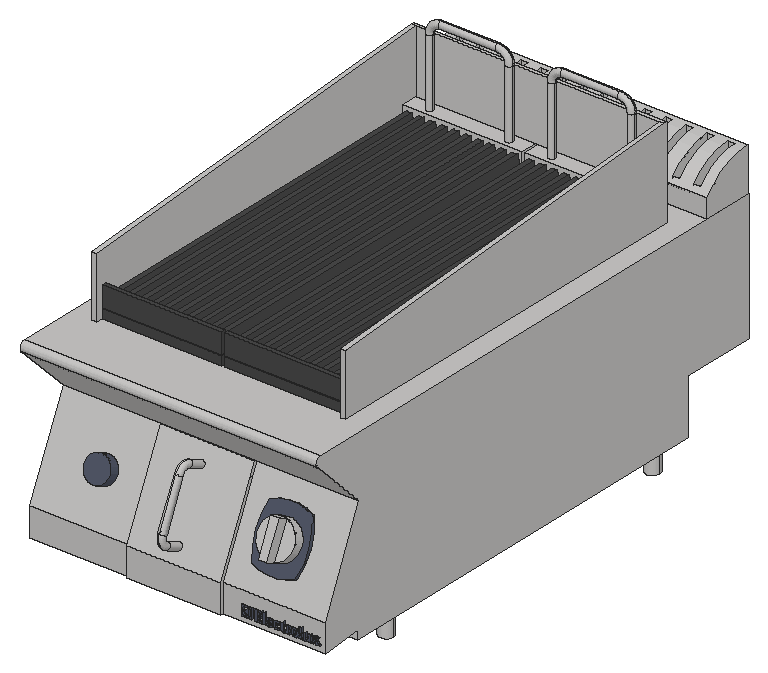
Revit family "QF_ELECTROLUXPROFESSIONAL_371243_E7GRTDGC0P", category Specialty Equipment, Revit 2018
Family settings
  Round Connector Dimension = Use Diameter
  Part Type = Normal
  Work Plane-Based = No
  Always vertical = Yes
  Cut with Voids When Loaded = No
  Shared = No
  Room Calculation Point = No
Parameters (values of type "Standard")
  Weight = 32.00 kg
  Watts = 0 W
  Volts = 0 V
  URL Manufacturer = "http://professional.electrolux.com"
  URL = "http://professional.electrolux.com"
  Steam Supply Size = 0"
  Steam Supply Minimum Pressure = 0.00 psi
  Steam Supply Maximum Pressure = 0.00 psi
  Steam Pounds per Hour = 0
  Show Logo [instance] = yes
  Show Clearance [instance] = yes
  Refrigeration Suction Line Size = 0 mm
  Refrigeration Liquid Line Size = 0 mm
  Refrigerant Compressor Remote = yes
  Phase = 0
  Model = "E7GRTDGC0P"
  Manufacturer = "Electrolux Professional"
  Length Actual = 400 mm  # constant formula
  Item Number = "371243"
  Hot Water Size = 0"
  Height Actual = 250 mm  # constant formula
  HP = "0 HP"
  Gas Size = 1/2"
  Gas KW = 7
  Gas Input Pressure = 0.316998 Btu/h
  Direct Waste Size = 0"
  Description = "GAS GRILL TOP HP 400 MM TOWN GAS"
  Depth Actual = 730 mm  # constant formula
  Cycle = 0 Hz
  Condensate Return Size = 0"
  Compressed Air Volume = 0 GPM
  Compressed Air Size = 0"
  Compressed Air Pressure = 0.00 psi
  Cold Water Size = 0"
  Assembly Code = ""
  Accessory = yes
Reference planes
  plane 1 "BACK": y = 0
  plane 2: z = 0
  plane 3 "LEFT": x = 0
  plane 4 "RIGHT": x = 400.1
  plane 5 "FRONT": y = -730.25
  plane 6 "TOP": z = 288.925
  plane 7 "Center Y": x = 200.05
  plane 8 "Center X": y = -365.125
  plane 9 "BASE": z = 23.813
  plane 10 "TOP A": z = 274.638
  plane 11: y = -597.884
  plane 12: y = -147.637
  plane 13: z = 423.9
Forms (mm)
  Extrusion 1, solid, material "QF_Finishes_Stainless Steel"
    sketch origin (0, 0, 0) x (0, 1, 0) y (0, 0, 1)
      loop
        line (0, 274.638) -> (-722.836, 274.638)
        arc (-722.836, 274.638) -> (-729.637, 270.094) -> (-728.041, 262.072) r 7.361
        line (-728.041, 262.072) -> (-657.416, 191.447) -> (-713.772, 69.003) -> (-713.772, 30.903) -> (-660.4, 36.513) -> (-660.4, 23.812) -> (-101.6, 23.812) -> (-101.6, 98.425) -> (0, 98.425) -> (0, 274.638)
    from 0 to 400.1
  Extrusion 2, solid, material "QF_Finishes_Stainless Steel"
    sketch origin (0, 0, 0) x (1, 0, 0) y (0, 1, 0)
      loop
        circle (11.112, -147.638) r 9.525
      loop
        circle (11.112, -597.884) r 9.525
      loop
        circle (388.987, -147.638) r 9.525
      loop
        circle (388.987, -597.884) r 9.525
    from 0 to 23.813
  Extrusion 3, solid, material "QF_Finishes_Stainless Steel"
    sketch origin (0, -101.6, 101.6) x (0, 0, -1) y (-1, 0, 0)
      loop
        circle (43.882, -347.713) r 6.35
    from 0 to 3.175
  Extrusion 4, solid, material "QF_Finishes_Clearance", visible <- "Show Clearance", detail levels coarse
    sketch origin (0, 0, 0) x (1, 0, 0) y (0, 1, 0)
      loop
        line (0, -730.25) -> (0, 0) -> (400.1, 0) -> (400.1, -730.25) -> (550.119, -730.25) -> (550.119, 150.019) -> (-150.019, 150.019) -> (-150.019, -730.25) -> (0, -730.25)
    from 0 to 396
  Extrusion 5, solid, material "QF_Finishes_Black"
    sketch origin (0, 0, 274.638) x (0, -1, 0) y (1, 0, 0)
      loop
        line (636.964, 36.625) -> (636.964, 198.425) -> (130.285, 198.425) -> (130.285, 36.625) -> (636.964, 36.625)
      loop
        line (636.964, 363.475) -> (130.285, 363.475) -> (130.285, 201.625) -> (636.964, 201.625) -> (636.964, 363.475)
    from 0 to 12.7
  Extrusion 6, solid, material "QF_Finishes_Stainless Steel"
    sketch origin (0, 0, 274.638) x (0, -1, 0) y (1, 0, 0)
      loop
        line (130.285, 36.625) -> (130.285, 198.425) -> (107.795, 198.425) -> (107.795, 36.625) -> (130.285, 36.625)
      loop
        line (130.285, 363.475) -> (107.795, 363.475) -> (107.795, 201.625) -> (130.285, 201.625) -> (130.285, 363.475)
    from 0 to 37.056
  Extrusion 7, solid, material "QF_Finishes_Black"
    sketch origin (52.271, -631.964, 287.338) x (-0.153405, 0, 0.988163) y (-0.988163, 0, -0.153405)
      loop
        line (-20.852, -144.668) -> (6.587, -148.928) -> (31.408, 10.957) -> (3.969, 15.217) -> (-20.852, -144.668)
      loop
        line (-21.343, -147.83) -> (-46.164, -307.715) -> (-18.724, -311.975) -> (6.097, -152.09) -> (-21.343, -147.83)
    from 0 to 5
  Sweep 8, solid, material "QF_Finishes_Stainless Steel"
    path origin (-5, -118.772, 30.903) x (0, 0, 1) y (-1, 0, 0)
      loop
        line (280.79, -69.399) -> (372.677, -69.399)
        arc (372.677, -69.399) -> (383.453, -73.862) -> (387.917, -84.639) r 15.24
        line (387.917, -84.639) -> (387.917, -162.081)
        arc (387.917, -162.081) -> (383.453, -172.858) -> (372.677, -177.321) r 15.24
        line (372.677, -177.321) -> (280.79, -177.321)
    profile origin (64.399, -118.772, 357.637) x (-1, 0, 0) y (0, -1, 0)
      loop
        circle (0, 0) r 4.572
  Extrusion 9, solid, material "QF_Finishes_Stainless Steel"
    sketch origin (133.95, 0, 0) x (0, 1, 0) y (0, 0, 1)
      loop
        line (-657.416, 191.447) -> (-660.323, 192.784) -> (-716.972, 69.704) -> (-716.972, 30.903) -> (-713.772, 30.903) -> (-713.772, 69.003) -> (-657.416, 191.447)
    from 0 to 127
  Sweep 10, solid, material "QF_Finishes_Stainless Steel"
    path origin (196.45, 0, 0) x (0, 1, 0) y (0, 0, 1)
      loop
        line (-670.615, 170.424) -> (-691.243, 179.918)
        arc (-691.243, 179.918) -> (-700.956, 180.294) -> (-708.09, 173.692) r 12.7
        line (-708.09, 173.692) -> (-735.638, 113.839)
        arc (-735.638, 113.839) -> (-736.013, 104.126) -> (-729.411, 96.993) r 12.7
        line (-729.411, 96.993) -> (-708.782, 87.498)
    profile origin (196.45, -680.929, 175.171) x (0, -0.418102, -0.9084) y (1, 0, 0)
      loop
        circle (0, 0) r 4.572
  Extrusion 11, solid, material "QF_Finishes_Navy Blue"
    sketch origin (638.031, -727.475, 39.231) x (0, 0.418102, 0.9084) y (-1, 0, 0)
      loop
        circle (98.862, 559.801) r 17.8
    from 0 to 12.7
  Extrusion 12, solid, material "QF_Finishes_Drawer Clearance", visible <- "Show Clearance", detail levels coarse
    sketch origin (133.95, 0, 0) x (0, 1, 0) y (0, 0, 1)
      loop
        line (-660.323, 192.784) -> (-1316.538, 192.784) -> (-1373.188, 69.704) -> (-1373.188, 30.903) -> (-716.972, 30.903) -> (-716.972, 69.704) -> (-660.323, 192.784)
    from 0 to 127
  Extrusion 13, solid, material "QF_Finishes_Stainless Steel"
    sketch origin (35.025, -104.885, 396) x (0, -1, 0) y (0, 0, -1)
      loop
        line (0, 0) -> (540, 38.857) -> (540, 121.362) -> (0, 121.363) -> (0, 0)
    from 0 to -6.35
  Extrusion 14, solid, material "QF_Finishes_Stainless Steel"
    sketch origin (365.025, -104.885, 396) x (0, -1, 0) y (0, 0, 1)
      loop
        line (0, 0) -> (0, -121.363) -> (540, -121.362) -> (540, -38.857) -> (0, 0)
    from 0 to -6.35
  Extrusion 15, solid, material "QF_Finishes_Stainless Steel"
    sketch origin (35.025, -104.885, 274.638) x (0, 0, 1) y (1, 0, 0)
      loop
        line (0, -6.35) -> (121.363, -6.35) -> (121.363, 336.35) -> (0, 336.35) -> (0, -6.35)
    from 0 to 3.2
  Sweep 16, solid, material "QF_Finishes_Stainless Steel"
    path origin (160, -118.772, 30.903) x (0, 0, 1) y (-1, 0, 0)
      loop
        line (280.79, -69.399) -> (372.677, -69.399)
        arc (372.677, -69.399) -> (383.453, -73.862) -> (387.917, -84.639) r 15.24
        line (387.917, -84.639) -> (387.917, -162.106)
        arc (387.917, -162.106) -> (383.453, -172.883) -> (372.677, -177.346) r 15.24
        line (372.677, -177.346) -> (280.79, -177.346)
    profile origin (229.399, -118.772, 357.637) x (-1, 0, 0) y (0, -1, 0)
      loop
        circle (0, 0) r 4.572
  Extrusion 17, solid, material "QF_Finishes_Stainless Steel"
    sketch origin (0, 0, 0) x (0, 1, 0) y (0, 0, 1)
      loop
        line (0, 274.638) -> (0, 333.375)
        arc (0, 333.375) -> (-38.879, 324.991) -> (-69.85, 300.038) r 86.156
        line (-69.85, 300.038) -> (-69.85, 274.638) -> (0, 274.638)
    from 0 to 400.05
  Extrusion 18, void
    sketch origin (0, 0, 274.638) x (-1, 0, 0) y (0, -1, 0)
      loop
        line (-13.453, 6.761) -> (-13.453, 63.911) -> (-22.749, 63.911) -> (-22.749, 6.761) -> (-13.453, 6.761)
    from 25.4 to 63.5
  Extrusion 19, void
    sketch origin (400.05, 0, 274.638) x (1, 0, 0) y (0, 1, 0)
      loop
        line (-13.403, -6.761) -> (-22.699, -6.761) -> (-22.699, -63.911) -> (-13.403, -63.911) -> (-13.403, -6.761)
    from 25.4 to 63.5
  Extrusion 20, void
    sketch origin (27.988, 0, 274.638) x (-1, 0, 0) y (0, -1, 0)
      loop
        line (-13.453, 6.761) -> (-13.453, 63.911) -> (-22.749, 63.911) -> (-22.749, 6.761) -> (-13.453, 6.761)
    from 25.4 to 63.5
  Extrusion 21, void
    sketch origin (55.977, 0, 274.638) x (-1, 0, 0) y (0, -1, 0)
      loop
        line (-13.453, 6.761) -> (-13.453, 63.911) -> (-22.749, 63.911) -> (-22.749, 6.761) -> (-13.453, 6.761)
    from 25.4 to 63.5
  Extrusion 22, void
    sketch origin (83.965, 0, 274.638) x (-1, 0, 0) y (0, -1, 0)
      loop
        line (-13.478, 6.761) -> (-13.478, 63.911) -> (-22.774, 63.911) -> (-22.774, 6.761) -> (-13.478, 6.761)
    from 25.4 to 63.5
  Extrusion 23, void
    sketch origin (111.953, 0, 274.638) x (-1, 0, 0) y (0, -1, 0)
      loop
        line (-13.478, 6.761) -> (-13.478, 63.911) -> (-22.774, 63.911) -> (-22.774, 6.761) -> (-13.478, 6.761)
    from 25.4 to 63.5
  Extrusion 24, void
    sketch origin (139.942, 0, 274.638) x (-1, 0, 0) y (0, -1, 0)
      loop
        line (-13.478, 6.761) -> (-13.478, 63.911) -> (-22.774, 63.911) -> (-22.774, 6.761) -> (-13.478, 6.761)
    from 25.4 to 63.5
  Extrusion 25, void
    sketch origin (167.93, 0, 274.638) x (-1, 0, 0) y (0, -1, 0)
      loop
        line (-13.478, 6.761) -> (-13.478, 63.911) -> (-22.774, 63.911) -> (-22.774, 6.761) -> (-13.478, 6.761)
    from 25.4 to 63.5
  Extrusion 26, void
    sketch origin (195.918, 0, 274.638) x (-1, 0, 0) y (0, -1, 0)
      loop
        line (-13.478, 6.761) -> (-13.478, 63.911) -> (-22.774, 63.911) -> (-22.774, 6.761) -> (-13.478, 6.761)
    from 25.4 to 63.5
  Extrusion 27, void
    sketch origin (223.907, 0, 274.638) x (-1, 0, 0) y (0, -1, 0)
      loop
        line (-13.478, 6.761) -> (-13.478, 63.911) -> (-22.774, 63.911) -> (-22.774, 6.761) -> (-13.478, 6.761)
    from 25.4 to 63.5
  Extrusion 28, void
    sketch origin (251.895, 0, 274.638) x (-1, 0, 0) y (0, -1, 0)
      loop
        line (-13.478, 6.761) -> (-13.478, 63.911) -> (-22.774, 63.911) -> (-22.774, 6.761) -> (-13.478, 6.761)
    from 25.4 to 63.5
  Extrusion 29, void
    sketch origin (279.884, 0, 274.638) x (-1, 0, 0) y (0, -1, 0)
      loop
        line (-13.503, 6.761) -> (-13.503, 63.911) -> (-22.799, 63.911) -> (-22.799, 6.761) -> (-13.503, 6.761)
    from 25.4 to 63.5
  Extrusion 30, void
    sketch origin (307.872, 0, 274.638) x (-1, 0, 0) y (0, -1, 0)
      loop
        line (-13.503, 6.761) -> (-13.503, 63.911) -> (-22.799, 63.911) -> (-22.799, 6.761) -> (-13.503, 6.761)
    from 25.4 to 63.5
  Extrusion 31, void
    sketch origin (335.86, 0, 274.638) x (-1, 0, 0) y (0, -1, 0)
      loop
        line (-13.503, 6.761) -> (-13.503, 63.911) -> (-22.799, 63.911) -> (-22.799, 6.761) -> (-13.503, 6.761)
    from 25.4 to 63.5
  Extrusion 32, solid, material "QF_Finishes_Navy Blue"
    sketch origin (-218.02, -713.772, 69.003) x (0, 0.418102, 0.9084) y (-1, 0, 0)
      loop
        arc (102.623, -510.495) -> (67.041, -502.872) -> (31.333, -509.878) r 90.523
        arc (31.333, -509.878) -> (24.501, -539.078) -> (31.333, -568.278) r 65.822
        arc (31.333, -568.278) -> (67.043, -575.368) -> (102.623, -567.653) r 89.527
        arc (102.623, -567.653) -> (109.181, -539.074) -> (102.623, -510.495) r 65.549
    from 0 to 3.175
  Extrusion 33, solid, material "QF_Finishes_Stainless Steel"
    sketch origin (160.73, -717.485, 68.529) x (0, 0.418102, 0.9084) y (-1, 0, 0)
      loop
        circle (68.826, -160.963) r 25.4
    from 0 to 12.7
  Extrusion 34, solid, material "QF_Finishes_Stainless Steel"
    sketch origin (160.73, -729.022, 73.839) x (0, 0.418102, 0.9084) y (-1, 0, 0)
      loop
        arc (93.558, -166.749) -> (94.226, -160.963) -> (93.558, -155.177) r 25.4
        line (93.558, -155.177) -> (44.094, -155.177)
        arc (44.094, -155.177) -> (43.426, -160.963) -> (44.094, -166.749) r 25.4
        line (44.094, -166.749) -> (93.558, -166.749)
    from 0 to 12.7
  Extrusion 35, solid, material "QF_Finishes_Navy Blue", visible <- "Show Logo"
    sketch origin (0, -713.772, 30.903) x (0, 0, 1) y (-1, 0, 0)
      loop
        line (20.674, -296.698) -> (8.307, -296.698)
        arc (8.307, -296.698) -> (14.491, -301.27) -> (20.674, -296.698) r 6.467
      loop
        arc (20.674, -296.069) -> (19.505, -290.926) -> (14.849, -288.448) r 6.338
        line (14.849, -288.448) -> (14.849, -290.494)
        arc (14.849, -290.494) -> (16.333, -294.149) -> (19.778, -296.069) r 5.941
        line (19.778, -296.069) -> (20.674, -296.069)
      loop
        arc (9.203, -296.069) -> (12.648, -294.149) -> (14.132, -290.494) r 5.941
        line (14.132, -290.494) -> (14.132, -288.448)
        arc (14.132, -288.448) -> (9.438, -290.922) -> (8.148, -296.069) r 6.504
        line (8.148, -296.069) -> (9.203, -296.069)
      loop
        line (21.349, -287.979) -> (7.604, -287.979) -> (7.604, -301.742) -> (21.349, -301.742) -> (21.349, -287.979)
      loop
        arc (21.432, -304.71) -> (21.085, -304.352) -> (20.718, -304.69) r 0.358
        arc (20.718, -304.69) -> (20.404, -305.44) -> (19.687, -305.825) r 1.216
        line (19.687, -305.825) -> (9.274, -305.825)
        arc (9.274, -305.825) -> (8.614, -305.548) -> (8.218, -304.951) r 1.238
        arc (8.218, -304.951) -> (7.823, -304.7) -> (7.518, -305.054) r 0.358
        line (7.518, -305.054) -> (7.518, -314.933) -> (10.269, -314.933) -> (10.269, -314.036)
        arc (10.269, -314.036) -> (9.36, -313.456) -> (8.904, -312.479) r 1.928
        line (8.904, -312.479) -> (8.904, -309.98)
        arc (8.904, -309.98) -> (9.18, -309.251) -> (9.868, -308.887) r 1.101
        line (9.868, -308.887) -> (13.955, -308.887) -> (13.955, -312.561)
        arc (13.955, -312.561) -> (13.602, -313.058) -> (13.037, -313.286) r 1.083
        arc (13.037, -313.286) -> (12.773, -313.591) -> (13.065, -313.869) r 0.292
        line (13.065, -313.869) -> (16.028, -313.869)
        arc (16.028, -313.869) -> (16.33, -313.596) -> (16.092, -313.266) r 0.305
        arc (16.092, -313.266) -> (15.601, -313.018) -> (15.296, -312.561) r 1.083
        line (15.296, -312.561) -> (15.296, -308.887) -> (19.973, -308.887) -> (19.973, -312.635)
        arc (19.973, -312.635) -> (19.759, -313.39) -> (19.153, -313.888) r 1.314
        arc (19.153, -313.888) -> (18.934, -314.292) -> (19.288, -314.585) r 0.361
        line (19.288, -314.585) -> (21.432, -314.585) -> (21.432, -304.71)
      loop
        arc (20.715, -315.365) -> (20.335, -316.284) -> (19.416, -316.664) r 1.299
        line (19.416, -316.664) -> (9.837, -316.664)
        arc (9.837, -316.664) -> (8.999, -316.286) -> (8.728, -315.408) r 1.118
        line (8.728, -315.408) -> (7.518, -315.408) -> (7.518, -320.758) -> (8.706, -320.758)
        arc (8.706, -320.758) -> (8.978, -319.841) -> (9.848, -319.445) r 1.153
        line (9.848, -319.445) -> (21.92, -319.445) -> (20.715, -315.365)
      loop
        line (12.483, -323.394) -> (12.483, -329.842) -> (13.282, -329.842)
        arc (13.282, -329.842) -> (15.862, -328.857) -> (17.131, -326.404) r 3.874
        line (17.131, -326.404) -> (17.131, -324.643)
        arc (17.131, -324.643) -> (15.944, -321.778) -> (13.08, -320.592) r 4.051
        line (13.08, -320.592) -> (11.072, -320.592)
        arc (11.072, -320.592) -> (8.253, -322.077) -> (7.202, -325.084) r 4.352
        arc (7.202, -325.084) -> (7.566, -327.547) -> (8.943, -329.621) r 5.713
        line (8.943, -329.621) -> (9.892, -329.621)
        arc (9.892, -329.621) -> (9.16, -328.052) -> (8.943, -326.334) r 5.579
        arc (8.943, -326.334) -> (9.737, -324.371) -> (11.616, -323.394) r 3.057
        line (11.616, -323.394) -> (12.483, -323.394)
      loop
        line (13.742, -323.394) -> (13.742, -326.977)
        arc (13.742, -326.977) -> (15.199, -327.024) -> (16.082, -325.864) r 1.59
        line (16.082, -325.864) -> (16.082, -325.034)
        arc (16.082, -325.034) -> (15.217, -323.779) -> (13.742, -323.394) r 2.184
      loop
        arc (16.533, -339.259) -> (17.022, -337.585) -> (17.179, -335.848) r 9.023
        line (17.179, -335.848) -> (17.179, -334.486)
        arc (17.179, -334.486) -> (16.02, -331.686) -> (13.22, -330.527) r 3.959
        line (13.22, -330.527) -> (10.62, -330.527)
        arc (10.62, -330.527) -> (8.338, -331.819) -> (7.221, -334.192) r 4.331
        line (7.221, -334.192) -> (7.221, -336.327)
        arc (7.221, -336.327) -> (7.729, -337.877) -> (8.651, -339.223) r 5.772
        arc (8.651, -339.223) -> (9.412, -339.274) -> (9.499, -338.515) r 0.553
        arc (9.499, -338.515) -> (9.111, -337.781) -> (8.977, -336.962) r 2.573
        line (8.977, -336.962) -> (8.977, -335.447)
        arc (8.977, -335.447) -> (9.983, -333.806) -> (11.798, -333.163) r 2.884
        line (11.798, -333.163) -> (13.077, -333.163)
        arc (13.077, -333.163) -> (14.898, -333.723) -> (15.824, -335.388) r 2.554
        line (15.824, -335.388) -> (15.824, -336.441)
        arc (15.824, -336.441) -> (15.493, -337.369) -> (14.836, -338.104) r 2.564
        arc (14.836, -338.104) -> (14.614, -338.821) -> (15.223, -339.259) r 0.643
        line (15.223, -339.259) -> (16.533, -339.259)
      loop
        line (15.515, -339.53) -> (15.515, -341.031) -> (9.467, -341.031)
        arc (9.467, -341.031) -> (7.879, -341.688) -> (7.221, -343.276) r 2.246
        line (7.221, -343.276) -> (7.221, -344.86)
        arc (7.221, -344.86) -> (7.535, -345.725) -> (8.035, -346.496) r 4.06
        arc (8.035, -346.496) -> (8.768, -346.629) -> (9.019, -345.928) r 0.576
        arc (9.019, -345.928) -> (8.913, -345.403) -> (8.977, -344.87) r 1.69
        arc (8.977, -344.87) -> (9.519, -344.082) -> (10.425, -343.779) r 1.506
        line (10.425, -343.779) -> (15.563, -343.779) -> (15.563, -346.176) -> (16.119, -346.733) -> (16.941, -346.733) -> (16.941, -343.873) -> (20.172, -343.873) -> (15.515, -339.53)
      loop
        line (7.438, -347.63) -> (7.438, -353.017) -> (8.548, -353.017)
        arc (8.548, -353.017) -> (8.942, -352.066) -> (9.893, -351.672) r 1.345
        line (9.893, -351.672) -> (13.509, -351.672)
        arc (13.509, -351.672) -> (14.274, -352.264) -> (14.564, -353.186) r 1.615
        line (14.564, -353.186) -> (14.564, -354.742) -> (17.119, -355.427) -> (17.119, -354.044) -> (15.177, -351.485) -> (17.057, -351.485) -> (16.773, -348.779)
        arc (16.773, -348.779) -> (16.333, -348.249) -> (15.674, -348.45) r 0.621
        arc (15.674, -348.45) -> (15.274, -348.792) -> (14.78, -348.975) r 1.501
        line (14.78, -348.975) -> (9.893, -348.975)
        arc (9.893, -348.975) -> (8.942, -348.581) -> (8.548, -347.63) r 1.345
        line (8.548, -347.63) -> (7.438, -347.63)
      loop
        line (13.54, -354.964) -> (10.848, -354.964)
        arc (10.848, -354.964) -> (8.403, -356.272) -> (7.269, -358.803) r 4.288
        arc (7.269, -358.803) -> (7.205, -360.183) -> (7.269, -361.563) r 15.022
        arc (7.269, -361.563) -> (8.403, -364.094) -> (10.848, -365.401) r 4.288
        line (10.848, -365.401) -> (13.54, -365.401)
        arc (13.54, -365.401) -> (15.986, -364.094) -> (17.119, -361.563) r 4.288
        arc (17.119, -361.563) -> (17.183, -360.183) -> (17.119, -358.803) r 15.022
        arc (17.119, -358.803) -> (15.986, -356.272) -> (13.54, -354.964) r 4.288
      loop
        line (13.745, -358.078) -> (10.643, -358.078)
        arc (10.643, -358.078) -> (8.486, -360.235) -> (10.643, -362.392) r 2.157
        line (10.643, -362.392) -> (13.745, -362.392)
        arc (13.745, -362.392) -> (15.902, -360.235) -> (13.745, -358.078) r 2.157
      loop
        arc (20.726, -365.26) -> (20.355, -366.154) -> (19.461, -366.524) r 1.264
        line (19.461, -366.524) -> (9.597, -366.524)
        arc (9.597, -366.524) -> (8.727, -366.127) -> (8.455, -365.211) r 1.153
        line (8.455, -365.211) -> (7.518, -365.211) -> (7.518, -370.319) -> (8.446, -370.319)
        arc (8.446, -370.319) -> (8.805, -369.547) -> (9.597, -369.232) r 1.153
        line (9.597, -369.232) -> (21.92, -369.232) -> (20.726, -365.26)
      loop
        arc (15.846, -369.857) -> (15.647, -370.921) -> (14.678, -371.403) r 1.215
        line (14.678, -371.403) -> (9.658, -371.403)
        arc (9.658, -371.403) -> (8.043, -372.051) -> (7.322, -373.634) r 2.338
        line (7.322, -373.634) -> (7.322, -375.148)
        arc (7.322, -375.148) -> (7.497, -376.152) -> (7.999, -377.038) r 2.979
        line (7.999, -377.038) -> (7.518, -378.835) -> (7.518, -380.524) -> (16.943, -380.524) -> (16.649, -376.32) -> (15.863, -376.32)
        arc (15.863, -376.32) -> (15.507, -377.156) -> (14.755, -377.665) r 1.605
        line (14.755, -377.665) -> (9.652, -377.665)
        arc (9.652, -377.665) -> (9.232, -376.728) -> (9.159, -375.704) r 2.94
        arc (9.159, -375.704) -> (9.72, -374.603) -> (10.873, -374.16) r 1.724
        line (10.873, -374.16) -> (17.07, -374.16) -> (15.846, -369.857)
      loop
        line (16.874, -381.377) -> (15.202, -383.423) -> (12.028, -385.729) -> (8.572, -382.617)
        arc (8.572, -382.617) -> (8.335, -382.223) -> (8.357, -381.764) r 0.789
        line (8.357, -381.764) -> (7.518, -381.764) -> (7.518, -385.309) -> (8.344, -385.309)
        arc (8.344, -385.309) -> (8.686, -384.947) -> (9.176, -385.039) r 0.52
        line (9.176, -385.039) -> (10.976, -386.51) -> (8.858, -387.886)
        arc (8.858, -387.886) -> (8.457, -387.576) -> (8.37, -387.076) r 0.7
        line (8.37, -387.076) -> (7.518, -387.076) -> (7.518, -393.003) -> (8.405, -393.003)
        arc (8.405, -393.003) -> (8.472, -392.344) -> (8.866, -391.813) r 1.247
        line (8.866, -391.813) -> (13.066, -388.532) -> (15.513, -390.585) -> (16.874, -392.327) -> (16.874, -388.604) -> (15.389, -389.026) -> (13.868, -387.749) -> (15.568, -386.559) -> (16.874, -387.336) -> (16.874, -381.377)
    from 0 to 1.644
Cuts and joins
  joined: Extrusion 13, Extrusion 14, Extrusion 15
  Extrusion 18 cuts Extrusion 4
  Extrusion 18, Extrusion 19, Extrusion 20, Extrusion 21, Extrusion 22, Extrusion 23, Extrusion 24, Extrusion 25, Extrusion 26, Extrusion 27, Extrusion 28, Extrusion 29, Extrusion 30, Extrusion 31 cuts Extrusion 17
Lines and regions (mm)
  Split face 1
    outline origin (-218.02, -716.656, 70.33) x (0, 0.418102, 0.9084) y (-1, 0, 0)
      loop
        arc (67.041, -503.158) -> (48.669, -506.69) -> (35.363, -519.842) r 32.191
        line (35.363, -519.842) -> (45.047, -525.087)
        arc (45.047, -525.087) -> (54.648, -516.737) -> (67.041, -513.859) r 26.351
        line (67.041, -513.859) -> (67.041, -503.158)
  Split face 2
    outline origin (-218.02, -716.656, 70.33) x (0, 0.418102, 0.9084) y (-1, 0, 0)
      loop
        line (44.251, -526.293) -> (34.615, -521.075)
        arc (34.615, -521.075) -> (41.047, -560.592) -> (81.049, -562.261) r 31.684
        arc (81.049, -562.261) -> (48.21, -559.05) -> (44.251, -526.293) r 26.351
  symbolic lines, style "QF-Clearances", visible <- "Show Clearance", detail levels coarse
    curve 1: line (550.119, 150.019, 274.638) -> (-150.019, 150.019, 274.638)
    curve 2: line (550.119, -730.25, 274.638) -> (550.119, 150.019, 274.638)
    curve 3: line (-150.019, 150.019, 274.638) -> (-150.019, -730.25, 274.638)
    curve 4: line (550.119, 150.019, 274.638) -> (-150.019, 150.019, 274.638)
  symbolic lines
    curve 5: line (0, 0, 274.638) -> (400.1, 0, 274.638)
    curve 6: line (0, -730.25, 274.638) -> (0, 0, 274.638)
    curve 7: line (400.1, 0, 274.638) -> (400.1, -730.25, 274.638)
    curve 8: line (35.025, -104.885, 274.638) -> (35.025, -644.885, 274.638)
    curve 9: line (28.675, -644.885, 274.638) -> (35.025, -644.885, 274.638)
    curve 10: line (365.075, -104.885, 274.638) -> (35.025, -104.885, 274.638)
    curve 11: line (0, -69.85, 274.638) -> (400.1, -69.85, 274.638)
    curve 12: line (28.675, -98.535, 274.638) -> (28.675, -644.885, 274.638)
    curve 13: line (28.675, -98.535, 274.638) -> (371.425, -98.535, 274.638)
    curve 14: line (400.1, -730.25, 274.638) -> (0, -730.25, 274.638)
    curve 15: line (36.625, -107.795, 274.638) -> (198.45, -107.795, 274.638)
    curve 16: line (36.625, -636.964, 274.638) -> (36.625, -107.795, 274.638)
    curve 17: line (198.45, -130.285, 274.638) -> (36.625, -130.285, 274.638)
    curve 18: line (198.45, -107.795, 274.638) -> (198.45, -636.964, 274.638)
    curve 22: line (201.65, -107.795, 274.638) -> (363.475, -107.795, 274.638)
    curve 23: line (201.65, -636.964, 274.638) -> (201.65, -107.795, 274.638)
    curve 24: line (363.475, -130.285, 274.638) -> (201.65, -130.285, 274.638)
    curve 25: line (363.475, -107.795, 274.638) -> (363.475, -636.964, 274.638)
    curve 26: line (64.399, -114.2, 274.638) -> (172.321, -114.2, 274.638)
    curve 27: line (172.321, -123.344, 274.638) -> (64.399, -123.344, 274.638)
    curve 28: arc (64.399, -114.2, 274.638) -> (59.827, -118.772, 274.638) -> (64.399, -123.344, 274.638) r 4.572
    curve 29: arc (172.321, -114.2, 274.638) -> (176.893, -118.772, 274.638) -> (172.321, -123.344, 274.638) r 4.572
    curve 30: line (337.289, -114.2, 274.638) -> (229.341, -114.2, 274.638)
    curve 31: line (229.341, -123.344, 274.638) -> (337.289, -123.344, 274.638)
    curve 32: arc (337.289, -114.2, 274.638) -> (341.861, -118.772, 274.638) -> (337.289, -123.344, 274.638) r 4.572
    curve 33: arc (229.341, -114.2, 274.638) -> (224.769, -118.772, 274.638) -> (229.341, -123.344, 274.638) r 4.572
    curve 34: line (36.625, -636.964, 274.638) -> (198.45, -636.964, 274.638)
    curve 35: line (198.45, -631.964, 274.638) -> (36.625, -631.964, 274.638)
    curve 36: line (201.65, -636.964, 274.638) -> (363.475, -636.964, 274.638)
    curve 37: line (363.475, -631.964, 274.638) -> (201.65, -631.964, 274.638)
    curve 38: line (365.075, -104.885, 274.638) -> (365.075, -644.885, 274.638)
    curve 39: line (371.425, -644.885, 274.638) -> (365.075, -644.885, 274.638)
    curve 40: line (371.425, -98.535, 274.638) -> (371.425, -644.885, 274.638)
    curve 41: line (13.478, -6.761, 274.638) -> (22.774, -6.761, 274.638)
    curve 42: line (13.478, -63.911, 274.638) -> (13.478, -6.761, 274.638)
    curve 43: line (22.774, -63.911, 274.638) -> (13.478, -63.911, 274.638)
    curve 44: line (22.774, -6.761, 274.638) -> (22.774, -63.911, 274.638)
    curve 45: line (41.466, -6.761, 274.638) -> (50.762, -6.761, 274.638)
    curve 46: line (41.466, -63.911, 274.638) -> (41.466, -6.761, 274.638)
    curve 47: line (50.762, -63.911, 274.638) -> (41.466, -63.911, 274.638)
    curve 48: line (50.762, -6.761, 274.638) -> (50.762, -63.911, 274.638)
    curve 49: line (69.455, -6.761, 274.638) -> (78.75, -6.761, 274.638)
    curve 50: line (69.455, -63.911, 274.638) -> (69.455, -6.761, 274.638)
    curve 51: line (78.75, -63.911, 274.638) -> (69.455, -63.911, 274.638)
    curve 52: line (78.75, -6.761, 274.638) -> (78.75, -63.911, 274.638)
    curve 53: line (97.443, -6.761, 274.638) -> (106.739, -6.761, 274.638)
    curve 54: line (97.443, -63.911, 274.638) -> (97.443, -6.761, 274.638)
    curve 55: line (106.739, -63.911, 274.638) -> (97.443, -63.911, 274.638)
    curve 56: line (106.739, -6.761, 274.638) -> (106.739, -63.911, 274.638)
    curve 57: line (125.431, -6.761, 274.638) -> (134.727, -6.761, 274.638)
    curve 58: line (125.431, -63.911, 274.638) -> (125.431, -6.761, 274.638)
    curve 59: line (134.727, -63.911, 274.638) -> (125.431, -63.911, 274.638)
    curve 60: line (134.727, -6.761, 274.638) -> (134.727, -63.911, 274.638)
    curve 61: line (153.42, -6.761, 274.638) -> (162.715, -6.761, 274.638)
    curve 62: line (153.42, -63.911, 274.638) -> (153.42, -6.761, 274.638)
    curve 63: line (162.715, -63.911, 274.638) -> (153.42, -63.911, 274.638)
    curve 64: line (162.715, -6.761, 274.638) -> (162.715, -63.911, 274.638)
    curve 65: line (181.408, -6.761, 274.638) -> (190.704, -6.761, 274.638)
    curve 66: line (181.408, -63.911, 274.638) -> (181.408, -6.761, 274.638)
    curve 67: line (190.704, -63.911, 274.638) -> (181.408, -63.911, 274.638)
    curve 68: line (190.704, -6.761, 274.638) -> (190.704, -63.911, 274.638)
    curve 69: line (209.396, -6.761, 274.638) -> (218.692, -6.761, 274.638)
    curve 70: line (209.396, -63.911, 274.638) -> (209.396, -6.761, 274.638)
    curve 71: line (218.692, -63.911, 274.638) -> (209.396, -63.911, 274.638)
    curve 72: line (218.692, -6.761, 274.638) -> (218.692, -63.911, 274.638)
    curve 73: line (237.41, -6.761, 274.638) -> (246.705, -6.761, 274.638)
    curve 74: line (237.41, -63.911, 274.638) -> (237.41, -6.761, 274.638)
    curve 75: line (246.705, -63.911, 274.638) -> (237.41, -63.911, 274.638)
    curve 76: line (246.705, -6.761, 274.638) -> (246.705, -63.911, 274.638)
    curve 77: line (265.398, -6.761, 274.638) -> (274.694, -6.761, 274.638)
    curve 78: line (265.398, -63.911, 274.638) -> (265.398, -6.761, 274.638)
    curve 79: line (274.694, -63.911, 274.638) -> (265.398, -63.911, 274.638)
    curve 80: line (274.694, -6.761, 274.638) -> (274.694, -63.911, 274.638)
    curve 81: line (293.386, -6.761, 274.638) -> (302.682, -6.761, 274.638)
    curve 82: line (293.386, -63.911, 274.638) -> (293.386, -6.761, 274.638)
    curve 83: line (302.682, -63.911, 274.638) -> (293.386, -63.911, 274.638)
    curve 84: line (302.682, -6.761, 274.638) -> (302.682, -63.911, 274.638)
    curve 85: line (321.375, -6.761, 274.638) -> (330.67, -6.761, 274.638)
    curve 86: line (321.375, -63.911, 274.638) -> (321.375, -6.761, 274.638)
    curve 87: line (330.67, -63.911, 274.638) -> (321.375, -63.911, 274.638)
    curve 88: line (330.67, -6.761, 274.638) -> (330.67, -63.911, 274.638)
    curve 89: line (349.363, -6.761, 274.638) -> (358.659, -6.761, 274.638)
    curve 90: line (349.363, -63.911, 274.638) -> (349.363, -6.761, 274.638)
    curve 91: line (358.659, -63.911, 274.638) -> (349.363, -63.911, 274.638)
    curve 92: line (358.659, -6.761, 274.638) -> (358.659, -63.911, 274.638)
    curve 93: line (377.351, -6.761, 274.638) -> (386.647, -6.761, 274.638)
    curve 94: line (377.351, -63.911, 274.638) -> (377.351, -6.761, 274.638)
    curve 95: line (386.647, -63.911, 274.638) -> (377.351, -63.911, 274.638)
    curve 96: line (386.647, -6.761, 274.638) -> (386.647, -63.911, 274.638)
  symbolic lines, style "QF_Drawer Clearance"
    curve 19: line (133.975, -730.25, 274.638) -> (133.975, -1373.188, 274.638)
    curve 20: line (133.975, -1373.188, 274.638) -> (260.975, -1373.188, 274.638)
    curve 21: line (260.975, -1373.188, 274.638) -> (260.975, -730.25, 274.638)
Dimensions and locks
  equal spacing: plane 3 "LEFT", plane 7 "Center Y", plane 4 "RIGHT"
  plane 3 "LEFT" to plane 4 "RIGHT" = 400.1 mm
  equal spacing: plane 5 "FRONT", plane 8 "Center X", plane 1 "BACK"
  plane 5 "FRONT" to plane 1 "BACK" = 730.25 mm
  plane 1 "BACK" to plane 5 "FRONT" = 730.25 mm
  plane 9 "BASE" to level = 23.812 mm
  locked: plane 10 "TOP A" to plane 9 "BASE" at 250.825
  plane 10 "TOP A" to plane 9 "BASE" = 250.825 mm
  plane 9 "BASE" to level = 23.813 mm
  plane 4 "RIGHT" to Extrusion 3 sketch curve = 52.388 mm
  plane 13 to level = 423.9 mm
  equal spacing: group 1, group 3, group 4, group 5, group 6, group 7, group 8, group 9, group 10, group 2  (x3)
  aligned and locked: level to plane 2
  aligned and locked: plane 4 "RIGHT" to Extrusion 1
  aligned and locked: curve 7 to plane 4 "RIGHT"
Automatic sketch dimensions
  Extrusion 1 sketch curve to plane 10 "TOP A" = 0 mm
  Extrusion 1 sketch curve to plane 9 "BASE" = 0 mm
  Extrusion 1 sketch curve to plane 1 "BACK" = 0 mm
  Extrusion 1 sketch curve to plane 12 = 46.038 mm
  plane 11 to Extrusion 1 sketch curve = 59.531 mm
  plane 9 "BASE" to Extrusion 1 sketch curve = 12.7 mm
  plane 11 to Extrusion 1 sketch curve = 62.516 mm
  Extrusion 1 sketch curve to plane 5 "FRONT" = 16.478 mm
  Extrusion 1 sketch curve to plane 5 "FRONT" = 7.414 mm
  Extrusion 1 sketch curve to plane 5 "FRONT" = 2.209 mm
  plane 9 "BASE" to Extrusion 1 sketch curve = 7.09 mm
  Extrusion 1 sketch curve to Extrusion 1 sketch curve = 38.1 mm
  plane 9 "BASE" to Extrusion 1 sketch curve = 74.612 mm
  Extrusion 1 sketch curve to plane 10 "TOP A" = 83.191 mm
  Extrusion 1 sketch curve to plane 10 "TOP A" = 12.566 mm
  nested 1 to Extrusion 7 sketch curve = 307.715 mm
  Extrusion 7 sketch curve to nested 1 = 1.587 mm
  nested 1 to Extrusion 7 sketch curve = 147.83 mm
  Extrusion 7 sketch curve to Extrusion 7 sketch curve = 24.821 mm  (x2)
  nested 1 to Extrusion 7 sketch curve = 144.668 mm
  Extrusion 7 sketch curve to Extrusion 7 sketch curve = 0.491 mm
  nested 1 to Extrusion 7 sketch curve = 311.975 mm
  Extrusion 7 sketch curve to nested 1 = 15.217 mm
  nested 1 to Extrusion 7 sketch curve = 148.928 mm
  plane 6 "TOP" to Sweep 8 sketch curve = 22.768 mm  (x2)
  plane 13 to Sweep 8 sketch curve = 20.32 mm  (x2)
  plane 13 to Sweep 8 sketch curve = 5.08 mm
  Sweep 8 sketch curve to plane 7 "Center Y" = 27.729 mm
  Sweep 8 sketch curve to Sweep 8 sketch curve = 77.443 mm
  Sweep 8 sketch curve to profile plane = 0 mm
  profile plane to Sweep 8 sketch curve = 0 mm
  Extrusion 9 sketch curve to plane 5 "FRONT" = 13.278 mm
  Extrusion 9 sketch curve to Extrusion 9 sketch curve = 3.2 mm
  plane 11 to Extrusion 9 sketch curve = 62.438 mm
  Extrusion 9 sketch curve to Extrusion 9 sketch curve = 2.907 mm
  plane 9 "BASE" to Extrusion 9 sketch curve = 7.09 mm
  Extrusion 9 sketch curve to Extrusion 9 sketch curve = 38.1 mm
  Extrusion 9 sketch curve to Extrusion 9 sketch curve = 0.701 mm
  plane 5 "FRONT" to Sweep 10 sketch curve = 5.388 mm
  Sweep 10 sketch curve to plane 5 "FRONT" = 0.839 mm
  Sweep 10 sketch curve to plane 5 "FRONT" = 6.149 mm
  Sweep 10 sketch curve to plane 5 "FRONT" = 21.468 mm
  Sweep 10 sketch curve to plane 5 "FRONT" = 22.16 mm
  Sweep 10 sketch curve to Sweep 10 sketch curve = 11.537 mm  (x2)
  Sweep 10 sketch curve to Sweep 10 sketch curve = 5.31 mm  (x2)
  Sweep 10 sketch curve to Sweep 10 sketch curve = 20.629 mm
  plane 9 "BASE" to Sweep 10 sketch curve = 63.686 mm
  Sweep 10 sketch curve to Sweep 10 sketch curve = 9.495 mm
  Sweep 10 sketch curve to Sweep 10 sketch curve = 59.852 mm
  Sweep 10 sketch curve to Sweep 10 sketch curve = 2.042 mm
  Sweep 10 sketch curve to profile plane = 0 mm  (x2)
  plane 9 "BASE" to Extrusion 12 sketch curve = 45.891 mm
  plane 5 "FRONT" to Extrusion 12 sketch curve = 642.938 mm
  Extrusion 12 sketch curve to Extrusion 12 sketch curve = 56.649 mm
  Extrusion 12 sketch curve to plane 5 "FRONT" = 13.278 mm
  plane 11 to Extrusion 12 sketch curve = 62.438 mm
  plane 9 "BASE" to Extrusion 12 sketch curve = 7.09 mm
  Extrusion 12 sketch curve to Extrusion 12 sketch curve = 38.801 mm
  Extrusion 12 sketch curve to plane 10 "TOP A" = 81.853 mm
  Extrusion 13 sketch curve to plane 10 "TOP A" = 0 mm
  Extrusion 13 sketch curve to plane 12 = 42.753 mm
  plane 11 to Extrusion 13 sketch curve = 47 mm
  plane 13 to Extrusion 13 sketch curve = 66.757 mm
  plane 13 to Extrusion 13 sketch curve = 27.9 mm
  Extrusion 14 sketch curve to plane 10 "TOP A" = 0 mm
  Extrusion 14 sketch curve to plane 12 = 42.753 mm
  plane 11 to Extrusion 14 sketch curve = 47 mm
  plane 13 to Extrusion 14 sketch curve = 66.757 mm
  plane 13 to Extrusion 14 sketch curve = 27.9 mm
  Extrusion 15 sketch curve to Extrusion 13 = 0 mm  (x3)
  Extrusion 15 sketch curve to Extrusion 13 = 336.35 mm
  level to Extrusion 17 sketch curve = 274.638 mm
  Extrusion 17 sketch curve to plane 1 "BACK" = 0 mm
  plane 1 "BACK" to Extrusion 17 sketch curve = 1.769 mm
  plane 9 "BASE" to Extrusion 17 sketch curve = 276.225 mm
  plane 1 "BACK" to Extrusion 17 sketch curve = 69.85 mm
  level to Extrusion 17 sketch curve = 247.238 mm
  plane 1 "BACK" to Extrusion 18 sketch curve = 6.761 mm
  plane 3 "LEFT" to Extrusion 18 sketch curve = 22.749 mm
  Extrusion 18 sketch curve to Extrusion 18 sketch curve = 9.296 mm
  Extrusion 18 sketch curve to Extrusion 18 sketch curve = 57.15 mm
  plane 1 "BACK" to Extrusion 20 sketch curve = 6.761 mm
  plane 3 "LEFT" to Extrusion 20 sketch curve = 50.737 mm
  Extrusion 20 sketch curve to Extrusion 20 sketch curve = 9.296 mm
  Extrusion 20 sketch curve to Extrusion 20 sketch curve = 57.15 mm
  plane 1 "BACK" to Extrusion 21 sketch curve = 6.761 mm
  plane 3 "LEFT" to Extrusion 21 sketch curve = 78.725 mm
  Extrusion 21 sketch curve to Extrusion 21 sketch curve = 9.296 mm
  Extrusion 21 sketch curve to Extrusion 21 sketch curve = 57.15 mm
  plane 1 "BACK" to Extrusion 22 sketch curve = 6.761 mm
  Extrusion 22 sketch curve to plane 7 "Center Y" = 93.311 mm
  Extrusion 22 sketch curve to Extrusion 22 sketch curve = 9.296 mm
  Extrusion 22 sketch curve to Extrusion 22 sketch curve = 57.15 mm
  plane 1 "BACK" to Extrusion 23 sketch curve = 6.761 mm
  Extrusion 23 sketch curve to plane 7 "Center Y" = 65.323 mm
  Extrusion 23 sketch curve to Extrusion 23 sketch curve = 9.296 mm
  Extrusion 23 sketch curve to Extrusion 23 sketch curve = 57.15 mm
  plane 1 "BACK" to Extrusion 24 sketch curve = 6.761 mm
  Extrusion 24 sketch curve to plane 7 "Center Y" = 37.335 mm
  Extrusion 24 sketch curve to Extrusion 24 sketch curve = 9.296 mm
  Extrusion 24 sketch curve to Extrusion 24 sketch curve = 57.15 mm
  Extrusion 25 sketch curve to plane 7 "Center Y" = 9.346 mm
  Extrusion 25 sketch curve to Extrusion 25 sketch curve = 9.296 mm
  plane 1 "BACK" to Extrusion 25 sketch curve = 6.761 mm
  Extrusion 25 sketch curve to Extrusion 25 sketch curve = 57.15 mm
  plane 1 "BACK" to Extrusion 26 sketch curve = 6.761 mm
  plane 7 "Center Y" to Extrusion 26 sketch curve = 18.642 mm
  Extrusion 26 sketch curve to Extrusion 26 sketch curve = 9.296 mm
  Extrusion 26 sketch curve to Extrusion 26 sketch curve = 57.15 mm
  plane 1 "BACK" to Extrusion 27 sketch curve = 6.761 mm
  plane 7 "Center Y" to Extrusion 27 sketch curve = 46.63 mm
  Extrusion 27 sketch curve to Extrusion 27 sketch curve = 9.296 mm
  Extrusion 27 sketch curve to Extrusion 27 sketch curve = 57.15 mm
  plane 1 "BACK" to Extrusion 28 sketch curve = 6.761 mm
  plane 7 "Center Y" to Extrusion 28 sketch curve = 74.619 mm
  Extrusion 28 sketch curve to Extrusion 28 sketch curve = 9.296 mm
  Extrusion 28 sketch curve to Extrusion 28 sketch curve = 57.15 mm
  plane 11 to Extrusion 2 sketch curve = 0 mm  (x2)
  plane 12 to Extrusion 2 sketch curve = 0 mm  (x2)
  plane 3 "LEFT" to Extrusion 2 sketch curve = 11.112 mm  (x2)
  Extrusion 2 sketch curve to plane 4 "RIGHT" = 11.113 mm  (x2)
  Extrusion 1 to Extrusion 3 sketch curve = 33.906 mm
  plane 5 "FRONT" to Extrusion 4 sketch curve = 0 mm  (x2)
  plane 1 "BACK" to Extrusion 4 sketch curve = 0 mm
  Extrusion 4 sketch curve to plane 3 "LEFT" = 0 mm
  Extrusion 4 sketch curve to plane 4 "RIGHT" = 0 mm
  Extrusion 4 sketch curve to plane 3 "LEFT" = 150.019 mm
  plane 4 "RIGHT" to Extrusion 4 sketch curve = 150.019 mm
  Extrusion 4 sketch curve to plane 1 "BACK" = 150.019 mm
  Extrusion 1 to Extrusion 5 sketch curve = 36.625 mm  (x2)
  Extrusion 1 to Extrusion 5 sketch curve = 130.285 mm  (x2)
  Extrusion 1 to Extrusion 5 sketch curve = 85.872 mm  (x2)
  Extrusion 5 sketch curve to Extrusion 5 sketch curve = 161.8 mm
  Extrusion 5 sketch curve to Extrusion 5 sketch curve = 3.2 mm
  Extrusion 1 to Extrusion 6 sketch curve = 107.795 mm  (x2)
  Extrusion 1 to Extrusion 6 sketch curve = 36.625 mm  (x2)
  Extrusion 6 sketch curve to Extrusion 6 sketch curve = 22.49 mm  (x2)
  Extrusion 6 sketch curve to Extrusion 6 sketch curve = 161.8 mm
  Extrusion 6 sketch curve to Extrusion 6 sketch curve = 3.2 mm
  plane 1 "BACK" to curve 5 = 0 mm
  curve 5 to plane 3 "LEFT" = 0 mm
  plane 5 "FRONT" to curve 3 = 0 mm
  plane 5 "FRONT" to curve 7 = 0 mm
  plane 4 "RIGHT" to curve 4 = 150.019 mm
  curve 13 to plane 4 "RIGHT" = 28.675 mm
  curve 13 to curve 38 = 6.35 mm
  curve 10 to curve 25 = 1.6 mm
  plane 7 "Center Y" to curve 23 = 1.6 mm
  curve 18 to plane 7 "Center Y" = 1.6 mm
  plane 3 "LEFT" to curve 16 = 36.625 mm
  curve 15 to curve 8 = 1.6 mm
  curve 8 to curve 12 = 6.35 mm
  curve 3 to plane 3 "LEFT" = 150.019 mm
  curve 3 to plane 1 "BACK" = 150.019 mm
  plane 1 "BACK" to curve 11 = 69.85 mm
  curve 11 to curve 12 = 28.685 mm
  curve 13 to curve 10 = 6.35 mm
  curve 23 to plane 12 = 39.843 mm
  curve 18 to curve 22 = 0 mm
  curve 17 to plane 12 = 17.353 mm
  curve 24 to plane 12 = 17.353 mm
  plane 11 to curve 16 = 39.08 mm
  plane 11 to curve 23 = 39.08 mm
  curve 18 to curve 23 = 0 mm
  plane 11 to curve 25 = 39.08 mm
  curve 25 to curve 39 = 7.92 mm
  curve 16 to curve 8 = 7.92 mm
  Extrusion 11 sketch curve to Extrusion 1 = 66.089 mm
  Extrusion 1 to Extrusion 11 sketch curve = 78.23 mm
  plane 6 "TOP" to Sweep 16 sketch curve = 22.768 mm  (x2)
  plane 13 to Sweep 16 sketch curve = 20.32 mm  (x2)
  plane 13 to Sweep 16 sketch curve = 5.08 mm
  Sweep 16 sketch curve to plane 4 "RIGHT" = 62.754 mm
  plane 7 "Center Y" to Sweep 16 sketch curve = 44.589 mm
  Sweep 16 sketch curve to profile plane = 0 mm
  profile plane to Sweep 16 sketch curve = 0 mm
  Extrusion 19 sketch curve to plane 1 "BACK" = 6.761 mm
  plane 4 "RIGHT" to Extrusion 19 sketch curve = 22.749 mm
  Extrusion 19 sketch curve to Extrusion 19 sketch curve = 9.296 mm
  Extrusion 19 sketch curve to Extrusion 19 sketch curve = 57.15 mm
  plane 1 "BACK" to Extrusion 29 sketch curve = 6.761 mm
  Extrusion 29 sketch curve to plane 4 "RIGHT" = 97.418 mm
  Extrusion 29 sketch curve to Extrusion 29 sketch curve = 9.296 mm
  Extrusion 29 sketch curve to Extrusion 29 sketch curve = 57.15 mm
  plane 1 "BACK" to Extrusion 30 sketch curve = 6.761 mm
  Extrusion 30 sketch curve to plane 4 "RIGHT" = 69.43 mm
  Extrusion 30 sketch curve to Extrusion 30 sketch curve = 9.296 mm
  Extrusion 30 sketch curve to Extrusion 30 sketch curve = 57.15 mm
  plane 1 "BACK" to Extrusion 31 sketch curve = 6.761 mm
  Extrusion 31 sketch curve to plane 4 "RIGHT" = 41.441 mm
  Extrusion 31 sketch curve to Extrusion 31 sketch curve = 9.296 mm
  Extrusion 31 sketch curve to Extrusion 31 sketch curve = 57.15 mm
  plane 7 "Center Y" to Extrusion 32 sketch curve = 91.808 mm
  Extrusion 32 sketch curve to plane 4 "RIGHT" = 49.842 mm
  Extrusion 32 sketch curve to Extrusion 32 sketch curve = 0 mm
  Extrusion 32 sketch curve to Extrusion 32 sketch curve = 12.3 mm  (x3)
  Extrusion 32 sketch curve to Extrusion 32 sketch curve = 34.925 mm  (x2)
  Extrusion 32 sketch curve to Extrusion 32 sketch curve = 46.691 mm
  Extrusion 32 sketch curve to plane 4 "RIGHT" = 24.728 mm
  Extrusion 32 sketch curve to Extrusion 32 sketch curve = 28.575 mm
  Extrusion 34 sketch curve to Extrusion 34 sketch curve = 24.732 mm
  Extrusion 34 sketch curve to Extrusion 34 sketch curve = 0 mm
  Split face 1 sketch curve to Split face 1 sketch curve = 9.684 mm
  Split face 1 sketch curve to Split face 1 sketch curve = 18.622 mm
  Split face 1 sketch curve to Split face 1 sketch curve = 2.959 mm
  Split face 1 sketch curve to Split face 1 sketch curve = 21.994 mm
  Split face 1 sketch curve to Split face 1 sketch curve = 5.035 mm
  Split face 1 sketch curve to Split face 1 sketch curve = 10.085 mm
  Split face 1 sketch curve to Split face 1 sketch curve = 5.244 mm
  Split face 2 sketch curve to Split face 2 sketch curve = 9.635 mm
  Split face 2 sketch curve to Split face 2 sketch curve = 17.821 mm
  Split face 2 sketch curve to Split face 2 sketch curve = 4.557 mm
  Split face 2 sketch curve to Split face 2 sketch curve = 14.42 mm
  Split face 2 sketch curve to Split face 2 sketch curve = 22.055 mm
  Split face 2 sketch curve to Split face 2 sketch curve = 3.318 mm
  plane 5 "FRONT" to curve 2 = 0 mm
  plane 5 "FRONT" to curve 21 = 0 mm
  plane 5 "FRONT" to curve 19 = 0 mm
  plane 4 "RIGHT" to curve 2 = 150.019 mm
  curve 95 to plane 4 "RIGHT" = 13.453 mm
  curve 93 to curve 93 = 9.296 mm
  curve 37 to plane 4 "RIGHT" = 36.625 mm
  curve 36 to curve 37 = 0 mm
  plane 1 "BACK" to curve 92 = 6.761 mm
  curve 93 to curve 92 = 18.693 mm
  curve 89 to curve 90 = 9.296 mm
  curve 30 to plane 12 = 33.438 mm
  curve 90 to curve 30 = 12.074 mm
  plane 1 "BACK" to curve 88 = 6.761 mm
  curve 89 to curve 88 = 18.693 mm
  curve 85 to curve 85 = 9.296 mm
  plane 1 "BACK" to curve 84 = 6.761 mm
  curve 85 to curve 84 = 18.693 mm
  curve 83 to curve 83 = 9.296 mm
  plane 1 "BACK" to curve 80 = 6.761 mm
  curve 81 to curve 80 = 18.693 mm
  curve 77 to curve 78 = 9.296 mm
  plane 7 "Center Y" to curve 21 = 60.925 mm
  plane 1 "BACK" to curve 76 = 6.761 mm
  curve 77 to curve 76 = 18.693 mm
  curve 73 to curve 74 = 9.296 mm
  plane 7 "Center Y" to curve 33 = 29.291 mm
  plane 1 "BACK" to curve 69 = 6.761 mm
  plane 7 "Center Y" to curve 69 = 18.642 mm
  curve 71 to curve 70 = 9.296 mm
  plane 7 "Center Y" to curve 36 = 1.6 mm
  plane 7 "Center Y" to curve 37 = 1.6 mm
  curve 34 to plane 7 "Center Y" = 1.6 mm
  curve 35 to plane 7 "Center Y" = 1.6 mm
  curve 68 to plane 7 "Center Y" = 9.346 mm
  curve 65 to curve 66 = 9.296 mm
  curve 29 to plane 7 "Center Y" = 27.729 mm
  plane 1 "BACK" to curve 61 = 6.761 mm
  curve 65 to curve 61 = 18.693 mm
  curve 61 to curve 62 = 9.296 mm
  curve 62 to curve 59 = 18.693 mm
  curve 19 to plane 7 "Center Y" = 66.075 mm
  curve 59 to curve 58 = 9.296 mm
  plane 1 "BACK" to curve 56 = 6.761 mm
  curve 57 to curve 56 = 18.693 mm
  curve 53 to curve 53 = 9.296 mm
  curve 54 to curve 51 = 18.693 mm
  curve 51 to curve 50 = 9.296 mm
  curve 26 to plane 12 = 33.438 mm
  curve 50 to curve 26 = 5.056 mm
  plane 1 "BACK" to curve 48 = 6.761 mm
  curve 49 to curve 48 = 18.693 mm
  curve 47 to curve 47 = 9.296 mm
  plane 3 "LEFT" to curve 34 = 36.625 mm
  curve 35 to curve 34 = 0 mm
  plane 1 "BACK" to curve 41 = 6.761 mm
  curve 45 to curve 41 = 18.693 mm
  curve 43 to curve 42 = 9.296 mm
  curve 1 to plane 3 "LEFT" = 150.019 mm
  curve 1 to plane 1 "BACK" = 150.019 mm
  plane 1 "BACK" to curve 96 = 6.761 mm
  plane 1 "BACK" to curve 68 = 6.761 mm
  plane 1 "BACK" to curve 60 = 6.761 mm
  plane 1 "BACK" to curve 49 = 6.761 mm
  curve 52 to curve 26 = 50.289 mm
  curve 51 to curve 54 = 0 mm
  curve 48 to curve 50 = 0 mm
  curve 55 to curve 58 = 0 mm
  curve 93 to curve 96 = 57.15 mm
  curve 44 to curve 46 = 0 mm
  curve 59 to curve 62 = 0 mm
  curve 63 to curve 66 = 0 mm
  curve 92 to curve 94 = 0 mm
  curve 67 to curve 70 = 0 mm
  curve 88 to curve 90 = 0 mm
  curve 71 to curve 74 = 0 mm
  curve 84 to curve 86 = 0 mm
  curve 75 to curve 78 = 0 mm
  curve 29 to curve 29 = 4.572 mm
  curve 33 to curve 33 = 4.572 mm
  plane 11 to curve 35 = 34.08 mm
  curve 35 to curve 37 = 0 mm
  curve 37 to curve 36 = 5 mm
  curve 35 to curve 34 = 5 mm
  curve 19 to curve 20 = 642.938 mm
  plane 9 "BASE" to Extrusion 35 sketch curve = 9.251 mm
  plane 9 "BASE" to Extrusion 35 sketch curve = 14.292 mm
  plane 9 "BASE" to Extrusion 35 sketch curve = 14.311 mm
  Extrusion 35 sketch curve to Extrusion 35 sketch curve = 0 mm  (x28)
  Extrusion 35 sketch curve to Extrusion 35 sketch curve = 5.108 mm  (x2)
  Extrusion 35 sketch curve to Extrusion 35 sketch curve = 0.054 mm
  Extrusion 35 sketch curve to Extrusion 35 sketch curve = 0.218 mm
  Extrusion 35 sketch curve to Extrusion 35 sketch curve = 0.195 mm
  Extrusion 35 sketch curve to Extrusion 35 sketch curve = 0.249 mm
  plane 9 "BASE" to Extrusion 35 sketch curve = 14.608 mm
  Extrusion 35 sketch curve to Extrusion 35 sketch curve = 0.087 mm
  Extrusion 35 sketch curve to Extrusion 35 sketch curve = 0.358 mm
  Extrusion 35 sketch curve to Extrusion 35 sketch curve = 0.481 mm
  Extrusion 35 sketch curve to Extrusion 35 sketch curve = 0.597 mm
  Extrusion 35 sketch curve to Extrusion 35 sketch curve = 0.544 mm
  Extrusion 35 sketch curve to Extrusion 35 sketch curve = 0.936 mm
  Extrusion 35 sketch curve to Extrusion 35 sketch curve = 0.594 mm
  Extrusion 35 sketch curve to Extrusion 35 sketch curve = 0.343 mm
  Extrusion 35 sketch curve to Extrusion 35 sketch curve = 0.159 mm
  Extrusion 35 sketch curve to Extrusion 35 sketch curve = 0.826 mm
  Extrusion 35 sketch curve to Extrusion 35 sketch curve = 0.839 mm
  Extrusion 35 sketch curve to Extrusion 35 sketch curve = 0.852 mm
  Extrusion 35 sketch curve to Extrusion 35 sketch curve = 0.887 mm
  Extrusion 35 sketch curve to Extrusion 35 sketch curve = 0.928 mm
  Extrusion 35 sketch curve to Extrusion 35 sketch curve = 0.938 mm
  Extrusion 35 sketch curve to Extrusion 35 sketch curve = 0.444 mm
  Extrusion 35 sketch curve to Extrusion 35 sketch curve = 1.11 mm  (x3)
  Extrusion 35 sketch curve to Extrusion 35 sketch curve = 0.215 mm
  Extrusion 35 sketch curve to Extrusion 35 sketch curve = 1.43 mm
  Extrusion 35 sketch curve to Extrusion 35 sketch curve = 1.188 mm
  Extrusion 35 sketch curve to Extrusion 35 sketch curve = 1.21 mm  (x2)
  Extrusion 35 sketch curve to Extrusion 35 sketch curve = 0.503 mm
  Extrusion 35 sketch curve to Extrusion 35 sketch curve = 0.488 mm
  Extrusion 35 sketch curve to plane 4 "RIGHT" = 8.287 mm
  Extrusion 35 sketch curve to Extrusion 35 sketch curve = 0.462 mm
  Extrusion 35 sketch curve to Extrusion 35 sketch curve = 1.386 mm
  Extrusion 35 sketch curve to Extrusion 35 sketch curve = 1.742 mm
  Extrusion 35 sketch curve to Extrusion 35 sketch curve = 0.821 mm
  Extrusion 35 sketch curve to Extrusion 35 sketch curve = 0.497 mm
  Extrusion 35 sketch curve to Extrusion 35 sketch curve = 0.539 mm
  Extrusion 35 sketch curve to Extrusion 35 sketch curve = 0.686 mm
  Extrusion 35 sketch curve to Extrusion 35 sketch curve = 0.408 mm
  Extrusion 35 sketch curve to Extrusion 35 sketch curve = 0.743 mm
  Extrusion 35 sketch curve to Extrusion 35 sketch curve = 1.16 mm
  Extrusion 35 sketch curve to Extrusion 35 sketch curve = 0.329 mm
  Extrusion 35 sketch curve to Extrusion 35 sketch curve = 1.054 mm
  Extrusion 35 sketch curve to Extrusion 35 sketch curve = 1.056 mm
  Extrusion 35 sketch curve to Extrusion 35 sketch curve = 0.129 mm
  Extrusion 35 sketch curve to Extrusion 35 sketch curve = 0.489 mm
  Extrusion 35 sketch curve to Extrusion 35 sketch curve = 0.441 mm
  Extrusion 35 sketch curve to Extrusion 35 sketch curve = 1.151 mm
  Extrusion 35 sketch curve to Extrusion 35 sketch curve = 1.141 mm  (x2)
  Extrusion 35 sketch curve to Extrusion 35 sketch curve = 0.768 mm
  Extrusion 35 sketch curve to Extrusion 35 sketch curve = 1.653 mm
  Extrusion 35 sketch curve to Extrusion 35 sketch curve = 0.499 mm
  Extrusion 35 sketch curve to Extrusion 35 sketch curve = 0.964 mm
  Extrusion 35 sketch curve to Extrusion 35 sketch curve = 0.949 mm
  Extrusion 35 sketch curve to Extrusion 35 sketch curve = 1.345 mm  (x3)
  Extrusion 35 sketch curve to Extrusion 35 sketch curve = 1.101 mm
  Extrusion 35 sketch curve to Extrusion 35 sketch curve = 0.432 mm
  Extrusion 35 sketch curve to Extrusion 35 sketch curve = 1.142 mm
  Extrusion 35 sketch curve to Extrusion 35 sketch curve = 0.959 mm
  Extrusion 35 sketch curve to Extrusion 35 sketch curve = 0.176 mm
  Extrusion 35 sketch curve to Extrusion 35 sketch curve = 0.728 mm
  Extrusion 35 sketch curve to Extrusion 35 sketch curve = 3.375 mm  (x2)
  Extrusion 35 sketch curve to Extrusion 35 sketch curve = 0.541 mm
  Extrusion 35 sketch curve to Extrusion 35 sketch curve = 0.955 mm
  Extrusion 35 sketch curve to Extrusion 35 sketch curve = 1.251 mm
  Extrusion 35 sketch curve to Extrusion 35 sketch curve = 0.572 mm
  Extrusion 35 sketch curve to Extrusion 35 sketch curve = 1.92 mm
  Extrusion 35 sketch curve to Extrusion 35 sketch curve = 1.224 mm
  Extrusion 35 sketch curve to Extrusion 35 sketch curve = 0.745 mm
  Extrusion 35 sketch curve to Extrusion 35 sketch curve = 2.537 mm
  Extrusion 35 sketch curve to Extrusion 35 sketch curve = 0.896 mm  (x3)
  Extrusion 35 sketch curve to Extrusion 35 sketch curve = 0.036 mm
  Extrusion 35 sketch curve to Extrusion 35 sketch curve = 2.607 mm
  Extrusion 35 sketch curve to Extrusion 35 sketch curve = 0.066 mm
  Extrusion 35 sketch curve to Extrusion 35 sketch curve = 0.248 mm
  Extrusion 35 sketch curve to Extrusion 35 sketch curve = 0.449 mm
  Extrusion 35 sketch curve to Extrusion 35 sketch curve = 1.052 mm
  Extrusion 35 sketch curve to Extrusion 35 sketch curve = 1.863 mm
  Extrusion 35 sketch curve to Extrusion 35 sketch curve = 1.31 mm  (x2)
  Extrusion 35 sketch curve to Extrusion 35 sketch curve = 0.901 mm
  Extrusion 35 sketch curve to Extrusion 35 sketch curve = 1.107 mm
  Extrusion 35 sketch curve to Extrusion 35 sketch curve = 2.122 mm
  Extrusion 35 sketch curve to Extrusion 35 sketch curve = 2.101 mm
  Extrusion 35 sketch curve to Extrusion 35 sketch curve = 0.106 mm
  Extrusion 35 sketch curve to Extrusion 35 sketch curve = 0.029 mm
  Extrusion 35 sketch curve to Extrusion 35 sketch curve = 2.09 mm
  Extrusion 35 sketch curve to Extrusion 35 sketch curve = 1.279 mm
  Extrusion 35 sketch curve to Extrusion 35 sketch curve = 2.008 mm
  Extrusion 35 sketch curve to Extrusion 35 sketch curve = 0.738 mm
  Extrusion 35 sketch curve to Extrusion 35 sketch curve = 0.382 mm
  Extrusion 35 sketch curve to Extrusion 35 sketch curve = 0.384 mm
  Extrusion 35 sketch curve to Extrusion 35 sketch curve = 0.002 mm
  Extrusion 35 sketch curve to Extrusion 35 sketch curve = 0.561 mm
  Extrusion 35 sketch curve to Extrusion 35 sketch curve = 0.592 mm
  Extrusion 35 sketch curve to Extrusion 35 sketch curve = 2.692 mm
  Extrusion 35 sketch curve to Extrusion 35 sketch curve = 1.259 mm
  Extrusion 35 sketch curve to Extrusion 35 sketch curve = 0.802 mm
  Extrusion 35 sketch curve to Extrusion 35 sketch curve = 1.024 mm  (x2)
  Extrusion 35 sketch curve to Extrusion 35 sketch curve = 0.682 mm
  Extrusion 35 sketch curve to Extrusion 35 sketch curve = 5.934 mm
  Extrusion 35 sketch curve to Extrusion 35 sketch curve = 2.186 mm
  Extrusion 35 sketch curve to Extrusion 35 sketch curve = 0.337 mm
  Extrusion 35 sketch curve to Extrusion 35 sketch curve = 0.021 mm
  Extrusion 35 sketch curve to Extrusion 35 sketch curve = 1.005 mm
  Extrusion 35 sketch curve to Extrusion 35 sketch curve = 0.552 mm
  Extrusion 35 sketch curve to Extrusion 35 sketch curve = 0.778 mm
  Extrusion 35 sketch curve to Extrusion 35 sketch curve = 0.063 mm
  Extrusion 35 sketch curve to Extrusion 35 sketch curve = 1.023 mm
  Extrusion 35 sketch curve to Extrusion 35 sketch curve = 3.804 mm
  Extrusion 35 sketch curve to Extrusion 35 sketch curve = 0.486 mm
  Extrusion 35 sketch curve to Extrusion 35 sketch curve = 0.266 mm
  Extrusion 35 sketch curve to Extrusion 35 sketch curve = 1.547 mm
  Extrusion 35 sketch curve to Extrusion 35 sketch curve = 0.717 mm  (x2)
  Extrusion 35 sketch curve to Extrusion 35 sketch curve = 1.667 mm
